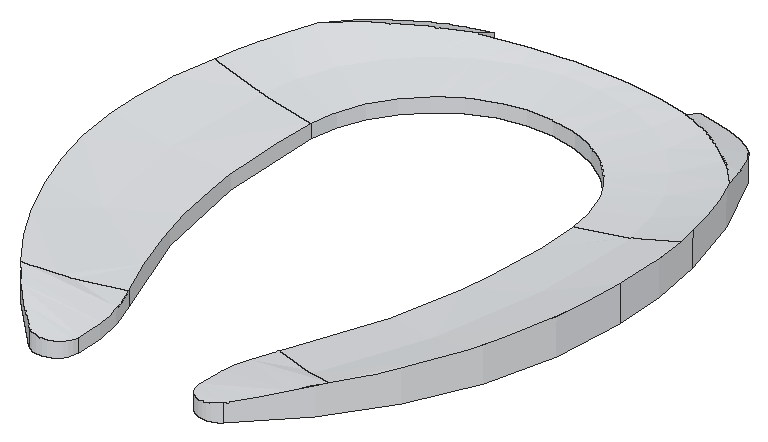
Revit family "Seat-Toilet_Commercial_SC534_TOTO", category Plumbing Fixtures, Revit 2013
Parameters (values of type "SC534")
  ecoScorecard_data = " "
  ecoScorecard Product Page = "  "
  Width = 14 205/256"  # constant formula
  Waste Connection = no
  Warranty URL = "http://www.totousa.com/warranty-registration"
  Warranty = "One Year Limited Warranty"  # constant formula
  Vent Connection = no
  URL = "http://www.totousa.com"
  Toto BIM Number = "BM-00236"  # constant formula
  Subcategory = "Seats"  # constant formula
  Style = "Commercial"  # constant formula
  Spec Sheet URL = "http://assets.totousa.com/product-files/SS-00340_SC534.pdf"
  Shipping Weight = 6.00 lbf
  Series = ""
  Product Page URL = " "
  Parts Manual URL = " "
  Model = "SC534"  # constant formula
  Material = "Polypropylene"  # constant formula
  Manufacturer Toll Free Phone = "1-888-295-8134"  # constant formula
  Manufacturer Phone = "(770) 282-8686"  # constant formula
  Manufacturer Fax = "(770) 282-0002"  # constant formula
  Manufacturer Email = "mailto:custservice@totousa.com"
  Manufacturer Address = "1155 Southern Road, Morrow, Georgia 30260"  # constant formula
  Manufacturer = "TOTO USA, Inc."  # constant formula
  Length = 18 75/256"  # constant formula
  Industry Standards = "Meets and exceeds ASME A112.4.2, ASME A112.18.1/CSA B125.1, UL 1431, CSA C22.2 #68"  # constant formula
  Height = 1 1/8"  # constant formula
  HW Connection = no
  Finish = Plastic - TOTO - 01 Cotton
  Description = "Commercial Seat"  # constant formula
  Cost Info = "mailto:custservice@totousa.com"
  Color Availability = "#01 Cotton"  # constant formula
  Code Compliance = "UPC, IPC, NSPC, NPC Canada, and others"  # constant formula
  Certification = "IAPMO(cUPC), Intertek, State of Massachusetts, City of Los Angeles and others"  # constant formula
  CW Connection = no
  CAD Drawing URL = "http://assets.totousa.com/product-files/AD-00214_SC534.dxf"
  Bowl Type = "Elongated"  # constant formula
  Assembly Code = "D2090900"
  95 CSI = "15416"  # constant formula
  04 CSI = "22 41 39"  # constant formula
Reference planes (in)
  plane 1 "Center (Front/Back)": y = 0
  plane 2: z = 0
  plane 3 "Center (Left/Right)": x = 0
  plane 4: z = 1.125
  plane 5: y = 9.14648
  plane 6: x = 7.40039
  plane 7: x = -7.40039
  plane 8: y = -9.14648
Dimensions and locks (in)
  "Height": plane 4 to plane 2
  equal spacing: plane 7, plane 3 "Center (Left/Right)", plane 6
  "Width": plane 7 to plane 6
  equal spacing: plane 5, plane 1 "Center (Front/Back)", plane 8
  "Length": plane 5 to plane 8
  aligned and locked: plane 3 "Center (Left/Right)" to nested 1
  aligned and locked: plane 1 "Center (Front/Back)" to nested 1
Nested families (in)
  nested 1: "SC534" at (0, 0, 0), type "SC534"
Definition of nested family "SC534"
  Parameters (values of type "SC534")
    Width = 14 205/256"  # constant formula
    Waste Connection = no
    Vent Connection = no
    URL = "http://www.totousa.com"
    Shipping Weight = 6.00 lbf
    Model = "SC534"  # constant formula
    Manufacturer = "TOTO USA, Inc."  # constant formula
    Length = 18 75/256"  # constant formula
    Height = 1 1/8"  # constant formula
    HW Connection = no
    Finish = Plastic - TOTO - 01 Cotton
    Description = "Commercial Seat"  # constant formula
    Cost Info = "mailto:custservice@totousa.com"
    CW Connection = no
    Assembly Code = "D2090900"
  Reference planes (in)
    plane 1 "Center (Front/Back)": y = 0
    plane 2: z = 0
    plane 3 "Center (Left/Right)": x = 0
    plane 4: z = 1.125
    plane 5: y = 9.14648
    plane 6: x = 7.40039
    plane 7: x = -7.40039
    plane 8: y = -9.14648
  Forms (in)
    Sweep 1, solid, material "Plastic - TOTO - 01 Cotton" <- "Finish", detail levels medium+fine
      path origin (0, 25.53621, 21.125) x (0, 1, 0) y (-1, 0, 0)
        loop
          arc (-35.07546, 3.06231) -> (-33.49001, 2.84738) -> (-31.93854, 3.23828) r 4.21875
          arc (-31.93854, 3.23828) -> (-27.22957, 4.75116) -> (-22.29169, 5.03481) r 19.56505
          arc (-22.29169, 5.03481) -> (-17.5945, 0) -> (-22.29169, -5.03481) r 5.04695
          arc (-22.29169, -5.03481) -> (-27.22957, -4.75116) -> (-31.93854, -3.23828) r 19.56505
          arc (-31.93854, -3.23828) -> (-33.4591, -2.84923) -> (-35.01664, -3.04293) r 4.21875
      profile origin (4.75116, -1.69336, 21.125) x (0.983098, -0.183082, 0) y (0, 0, 1)
        loop
          line (-1.15387, -21.125) -> (2.84951, -21.125) -> (2.84951, -19.85693)
          arc (2.84951, -19.85693) -> (0.87928, -20.43005) -> (-1.15387, -20.70677) r 13.89545
          line (-1.15387, -20.70677) -> (-1.15387, -21.125)
    Extrusion 2, void
      sketch origin (0, 0.00003, 0) x (1, 0, 0) y (0, 1, 0)
        loop
          arc (-3.18174, 9.11622) -> (-4.50357, 8.93222) -> (-5.48647, 8.02943) r 2.24127
          arc (-5.48647, 8.02943) -> (-6.42698, 6.07197) -> (-7.05344, 3.9926) r 14
          arc (-7.05344, 3.9926) -> (-7.31713, 2.37148) -> (-7.40536, 0.73143) r 15.2864
          arc (-7.40536, 0.73143) -> (-6.25109, -4.59966) -> (-2.99502, -8.97583) r 12.88811
          arc (-2.99502, -8.97583) -> (-2.27257, -9.09268) -> (-1.8497, -8.4954) r 0.69158
          arc (-1.8497, -8.4954) -> (-1.93421, -7.20688) -> (-2.33251, -5.97857) r 5.21875
          arc (-2.33251, -5.97857) -> (-3.76806, -1.51028) -> (-4.03722, 3.17522) r 18.56505
          arc (-4.03722, 3.17522) -> (0, 6.94171) -> (4.03722, 3.17522) r 4.04695
          arc (4.03722, 3.17522) -> (3.76806, -1.51028) -> (2.33251, -5.97857) r 18.56505
          arc (2.33251, -5.97857) -> (1.93421, -7.20688) -> (1.8497, -8.4954) r 5.21875
          arc (1.8497, -8.4954) -> (2.27257, -9.09268) -> (2.99502, -8.97583) r 0.69158
          arc (2.99502, -8.97583) -> (6.25109, -4.59966) -> (7.40536, 0.73143) r 12.88811
          arc (7.40536, 0.73143) -> (7.31713, 2.37148) -> (7.05344, 3.9926) r 15.2864
          arc (7.05344, 3.9926) -> (6.42698, 6.07197) -> (5.48647, 8.02943) r 14
          arc (5.48647, 8.02943) -> (4.50357, 8.93222) -> (3.18174, 9.11622) r 2.24127
          line (3.18174, 9.11622) -> (3.18174, 8.55413)
          arc (3.18174, 8.55413) -> (0, 9.06276) -> (-3.18174, 8.55413) r 10.2061
          line (-3.18174, 8.55413) -> (-3.18174, 9.11622)
        loop
          line (-9.40536, -11.14652) -> (9.40536, -11.14652) -> (9.40536, 11.14645) -> (-9.40536, 11.14645) -> (-9.40536, -11.14652)
      from 0 to 2
    Sweep 3, void
      path origin (0, -10.01966, 1.125) x (0, 1, 0) y (-1, 0, 0)
        loop
          arc (15.90478, 7.40039) -> (19.08246, 0) -> (15.90478, -7.40039) r 10.2061
      profile origin (0, 9.06279, 1.125) x (0, 1, 0) y (0, 0, 1)
        loop
          line (1.69553, 0.12845) -> (-1.0283, 0.12845)
          arc (-1.0283, 0.12845) -> (0.3611, -0.43176) -> (1.69553, -1.11263) r 16.92419
          line (1.69553, -1.11263) -> (1.69553, 0.12845)
    Extrusion 4, solid, material "Plastic - TOTO - 01 Cotton" <- "Finish", detail levels coarse
      sketch origin (0, 0, 0) x (1, 0, 0) y (0, 1, 0)
        loop
          line (7.40039, 9.14648) -> (-7.40039, 9.14648) -> (-7.40039, -9.14648) -> (7.40039, -9.14648) -> (7.40039, 9.14648)
      from 0 to 1.125
  Cuts and joins
    Extrusion 2, Sweep 3 cuts Sweep 1
  Lines and regions (in)
    Masking region 1, detail levels medium+fine
      outline origin (0, -10.01966, 1.125) x (0, 1, 0) y (-1, 0, 0)
        loop
          arc (1.04386, 2.99502) -> (0.92702, 2.27257) -> (1.5243, 1.8497) r 0.69158
          arc (1.5243, 1.8497) -> (2.81281, 1.93421) -> (4.04113, 2.33251) r 5.21875
          arc (4.04113, 2.33251) -> (8.50942, 3.76806) -> (13.19492, 4.03722) r 18.56505
          arc (13.19492, 4.03722) -> (16.96141, 0) -> (13.19492, -4.03722) r 4.04695
          arc (13.19492, -4.03722) -> (8.50942, -3.76806) -> (4.04113, -2.33251) r 18.56505
          arc (4.04113, -2.33251) -> (2.81281, -1.93421) -> (1.5243, -1.8497) r 5.21875
          arc (1.5243, -1.8497) -> (0.92702, -2.27257) -> (1.04386, -2.99502) r 0.69158
          arc (1.04386, -2.99502) -> (5.42004, -6.25109) -> (10.75112, -7.40536) r 12.88811
          arc (10.75112, -7.40536) -> (12.39118, -7.31713) -> (14.0123, -7.05344) r 15.2864
          arc (14.0123, -7.05344) -> (16.09167, -6.42698) -> (18.04913, -5.48647) r 14
          arc (18.04913, -5.48647) -> (18.95191, -4.50357) -> (19.13592, -3.18174) r 2.24127
          line (19.13592, -3.18174) -> (18.57383, -3.18174)
          arc (18.57383, -3.18174) -> (19.08246, 0) -> (18.57383, 3.18174) r 10.2061
          line (18.57383, 3.18174) -> (19.13592, 3.18174)
          arc (19.13592, 3.18174) -> (18.95191, 4.50357) -> (18.04913, 5.48647) r 2.24127
          arc (18.04913, 5.48647) -> (16.09167, 6.42698) -> (14.0123, 7.05344) r 14
          arc (14.0123, 7.05344) -> (12.39118, 7.31713) -> (10.75112, 7.40536) r 15.2864
          arc (10.75112, 7.40536) -> (5.42004, 6.25109) -> (1.04386, 2.99502) r 12.88811
    Masking region 2, detail levels coarse
      outline origin (0, 0, 0) x (1, 0, 0) y (0, 1, 0)
        loop
          line (7.40039, 9.14648) -> (-7.40039, 9.14648) -> (-7.40039, -9.14648) -> (7.40039, -9.14648) -> (7.40039, 9.14648)
    Masking region 3, detail levels coarse
      outline origin (0, 0, 0) x (1, 0, 0) y (0, 0, 1)
        loop
          line (-7.40039, 1.125) -> (-7.40039, 0) -> (7.40536, 0) -> (7.40536, 1.125) -> (-7.40039, 1.125)
    Masking region 4, detail levels medium+fine
      outline origin (0.00447, 0, 0) x (1, 0, 0) y (0, 0, 1)
        loop
          line (-7.40039, 0) -> (7.40039, 0) -> (7.40039, 1.0935)
          arc (7.40039, 1.0935) -> (7.15704, 1.10786) -> (6.9137, 1.0935) r 2.06872
          arc (6.9137, 1.0935) -> (5.28364, 0.93723) -> (3.64823, 0.85389) r 36.66823
          spline (3.64823, 0.85389) -> (3.06162, 0.82148) -> (2.46337, 0.79478) -> (1.85577, 0.77392) -> (1.24111, 0.75896) -> (0.62174, 0.74996) -> (0, 0.74695) -> (-0.62174, 0.74996) -> (-1.24111, 0.75896) -> (-1.85577, 0.77392) -> (-2.46337, 0.79478) -> (-3.06162, 0.82148) -> (-3.64823, 0.85389)
          arc (-3.64823, 0.85389) -> (-5.28364, 0.93723) -> (-6.9137, 1.0935) r 36.66823
          arc (-6.9137, 1.0935) -> (-7.15704, 1.10786) -> (-7.40039, 1.0935) r 2.06872
          line (-7.40039, 1.0935) -> (-7.40039, 0)
    Masking region 5
      outline origin (0, 0, 0) x (0, 1, 0) y (0, 0, 1)
        loop
          line (-9.14648, 1.125) -> (-9.14648, 0) -> (9.14648, 0) -> (9.14648, 1.125) -> (-9.14648, 1.125)
    Masking region 6, detail levels medium+fine
      outline origin (0, 0, 0) x (0, 1, 0) y (0, 0, 1)
        loop
          line (-9.14633, 0) -> (9.14633, 0) -> (9.14633, 0.5)
          arc (9.14633, 0.5) -> (9.13864, 0.55831) -> (9.11609, 0.61263) r 0.22492
          arc (9.11609, 0.61263) -> (8.85583, 0.72677) -> (8.5937, 0.83654) r 17.01396
          arc (8.5937, 0.83654) -> (7.4873, 0.92529) -> (6.38183, 1.025) r 111.85254
          arc (6.38183, 1.025) -> (0, 1.14211) -> (-6.38183, 1.025) r 173.94978
          arc (-6.38183, 1.025) -> (-7.4873, 0.92529) -> (-8.5937, 0.83654) r 111.85254
          arc (-8.5937, 0.83654) -> (-8.85583, 0.72677) -> (-9.11609, 0.61263) r 17.01396
          arc (-9.11609, 0.61263) -> (-9.13864, 0.55831) -> (-9.14633, 0.5) r 0.22492
          line (-9.14633, 0.5) -> (-9.14633, 0)
    symbolic lines, detail levels medium+fine
      curve 1: spline (-6.33078, 6.31361, 21.125) -> (-6.11424, 6.55843, 21.125) -> (-5.88804, 6.79443, 21.125) -> (-5.65256, 7.02122, 21.125) -> (-5.40816, 7.23845, 21.125) -> (-5.15524, 7.44576, 21.125) -> (-4.89421, 7.64284, 21.125) -> (-4.62547, 7.82935, 21.125) -> (-4.34947, 8.005, 21.125) -> (-4.06663, 8.16951, 21.125) -> (-3.77743, 8.32262, 21.125) -> (-3.4823, 8.46408, 21.125) -> (-3.18174, 8.59367, 21.125)
      curve 2: spline (3.18174, 8.59367, 21.125) -> (3.4823, 8.46405, 21.125) -> (3.77742, 8.32256, 21.125) -> (4.06663, 8.16943, 21.125) -> (4.34947, 8.0049, 21.125) -> (4.62547, 7.82924, 21.125) -> (4.89421, 7.64273, 21.125) -> (5.15524, 7.44566, 21.125) -> (5.40816, 7.23835, 21.125) -> (5.65256, 7.02114, 21.125) -> (5.88804, 6.79437, 21.125) -> (6.11424, 6.5584, 21.125) -> (6.33078, 6.31361, 21.125)
      curve 3: line (-1.8497, 0, 0.42854) -> (-2.99502, 0, 0.54941)
      curve 4: line (-2.99502, 0, 0.54941) -> (-4.74684, 0, 0.88593)
      curve 5: line (-1.8497, 0, 0.42854) -> (1.8497, 0, 0.42854)
      curve 6: line (2.99502, 0, 0.54941) -> (1.8497, 0, 0.42854)
      curve 7: line (4.74684, 0, 0.88593) -> (2.99502, 0, 0.54941)
      curve 8: spline (0, 6.3135, 1.0275) -> (0, 6.4631, 0.99768) -> (0, 6.61188, 0.96728) -> (0, 6.75982, 0.93629) -> (0, 6.90689, 0.90473) -> (0, 7.05307, 0.87261) -> (0, 7.19835, 0.83991) -> (0, 7.3427, 0.80666) -> (0, 7.4861, 0.77285) -> (0, 7.62854, 0.73849) -> (0, 7.76999, 0.70359) -> (0, 7.91043, 0.66814) -> (0, 8.04984, 0.63215)
      curve 9: spline (0, 8.04984, 0.63215) -> (0, 8.2344, 0.58537) -> (0, 8.40664, 0.546) -> (0, 8.56462, 0.51451) -> (0, 8.70653, 0.49125) -> (0, 8.83078, 0.47649) -> (0, 8.93594, 0.47038) -> (0, 9.02083, 0.47301) -> (0, 9.08449, 0.48433) -> (0, 9.12619, 0.50423) -> (0, 9.14546, 0.53248) -> (0, 9.14208, 0.56875) -> (0, 9.1161, 0.61263)
      curve 10: spline (0, -6.3135, 1.0275) -> (0, -6.4631, 0.99768) -> (0, -6.61188, 0.96728) -> (0, -6.75982, 0.93629) -> (0, -6.90689, 0.90473) -> (0, -7.05307, 0.87261) -> (0, -7.19835, 0.83991) -> (0, -7.3427, 0.80666) -> (0, -7.4861, 0.77285) -> (0, -7.62854, 0.73849) -> (0, -7.76999, 0.70359) -> (0, -7.91043, 0.66814) -> (0, -8.04984, 0.63215)
      curve 11: spline (0, -8.04984, 0.63215) -> (0, -8.2344, 0.58537) -> (0, -8.40664, 0.546) -> (0, -8.56462, 0.51451) -> (0, -8.70653, 0.49125) -> (0, -8.83078, 0.47649) -> (0, -8.93594, 0.47038) -> (0, -9.02083, 0.47301) -> (0, -9.08449, 0.48433) -> (0, -9.12619, 0.50423) -> (0, -9.14546, 0.53248) -> (0, -9.14208, 0.56875) -> (0, -9.1161, 0.61263)
  Dimensions and locks (in)
    "Height": plane 4 to plane 2
    equal spacing: plane 7, plane 3 "Center (Left/Right)", plane 6
    "Width": plane 7 to plane 6
    equal spacing: plane 5, plane 1 "Center (Front/Back)", plane 8
    "Length": plane 5 to plane 8
    locked: Sweep 3 sketch curve to plane 2 at 1.25345
    equal spacing: Extrusion 2 sketch curve, plane 3 "Center (Left/Right)", Extrusion 2 sketch curve  (x2)
    locked: Extrusion 2 sketch curve to Extrusion 2 sketch curve at 18.81072
    equal spacing: Extrusion 2 sketch curve, plane 1 "Center (Front/Back)", Extrusion 2 sketch curve
    locked: Extrusion 2 sketch curve to Extrusion 2 sketch curve at 22.29297
    locked: Extrusion 2 sketch curve to Extrusion 2 sketch curve at 6.36348
    locked: plane 3 "Center (Left/Right)" to Extrusion 2 sketch curve at 0
    locked: Extrusion 2 sketch curve to plane 8 at 12.04128
    locked: Extrusion 2 to plane 2 at 2
    locked: Sweep 3 sketch curve to plane 1 "Center (Front/Back)" at 10.75832
    locked: plane 3 "Center (Left/Right)" to Sweep 1 sketch curve at 0
    locked: Sweep 1 sketch curve to plane 8 at 12.04125
    curve 1 to curve 1 to plane 3 "Center (Left/Right)" to curve 2 to curve 2 = 3.14904" locked, 3.18174" locked, 3.18174" locked, 3.14904" locked
    curve 1 to curve 2 to curve 1 to curve 2 to plane 8 = 0" locked, 2.28006" locked, 0" locked, 15.4601" locked
    radius of Extrusion 2 sketch curve = 4.04695"
    radius of Extrusion 2 sketch curve = 18.56505"  (x2)
    radius of Extrusion 2 sketch curve = 2.24127"  (x2)
    radius of Extrusion 2 sketch curve = 14"  (x2)
    radius of Extrusion 2 sketch curve = 12.88811"  (x2)
    radius of Extrusion 2 sketch curve = 5 7/32"  (x2)
    radius of Extrusion 2 sketch curve = 0.69158"  (x2)
    aligned and locked: Extrusion 2 to plane 2
    aligned and locked: plane 2 to Sweep 1 sketch curve
    aligned and locked: Masking region 1 sketch curve to cut or joined group of Sweep 1, Extrusion 2, Sweep 3  (x18)
    aligned and locked: Masking region 2 sketch curve to plane 5
    aligned and locked: Masking region 2 sketch curve to plane 6
    aligned and locked: Masking region 2 sketch curve to plane 8
    aligned and locked: Masking region 2 sketch curve to plane 7
    aligned and locked: Extrusion 4 sketch curve to plane 5
    aligned and locked: Extrusion 4 sketch curve to plane 6
    aligned and locked: Extrusion 4 sketch curve to plane 7
    aligned and locked: Extrusion 4 sketch curve to plane 8
    aligned and locked: plane 4 to Extrusion 4
    aligned and locked: Extrusion 4 to level
    aligned and locked: Masking region 3 sketch curve to Extrusion 4  (x2)
    aligned and locked: Masking region 3 sketch curve to cut or joined group of Sweep 1, Extrusion 2, Sweep 3  (x2)
    aligned and locked: curve 5 to cut or joined group of Sweep 1, Extrusion 2, Sweep 3
  Automatic sketch dimensions
    plane 3 "Center (Left/Right)" to curve 2 = 0.08154"
    curve 2 to plane 1 "Center (Front/Back)" = 1.04593"
    curve 1 to plane 3 "Center (Left/Right)" = 0.08147"
    curve 1 to curve 2 = 0.00367"
    Sweep 1 sketch curve to plane 1 "Center (Front/Back)" = 1.88864"  (x2)
    plane 8 to Sweep 1 sketch curve = 2.74415"  (x2)
    Sweep 1 sketch curve to Sweep 1 sketch curve = 0"  (x2)
    Sweep 1 sketch curve to plane 7 = 0.34088"
    plane 8 to Sweep 1 sketch curve = 0.9564"  (x2)
    plane 6 to Sweep 1 sketch curve = 0.34088"
    Sweep 1 sketch curve to plane 8 = 0.33394"
    Sweep 1 sketch curve to plane 8 = 0.39277"
    Sweep 1 sketch curve to plane 7 = 2.36558"
    Sweep 1 sketch curve to plane 1 "Center (Front/Back)" = 3.24452"  (x2)
    Extrusion 2 sketch curve to plane 3 "Center (Left/Right)" = 0"
    Extrusion 2 sketch curve to Extrusion 2 sketch curve = 0.36591"  (x2)
    Extrusion 2 sketch curve to plane 7 = 3.36317"
    Extrusion 2 sketch curve to Extrusion 2 sketch curve = 0"  (x6)
    Extrusion 2 sketch curve to plane 1 "Center (Front/Back)" = 0.73146"
    Extrusion 2 sketch curve to plane 7 = 1.91764"
    plane 5 to Extrusion 2 sketch curve = 1.11702"  (x2)
    Extrusion 2 sketch curve to plane 7 = 1.91392"
    Extrusion 2 sketch curve to plane 7 = 0.77614"
    Extrusion 2 sketch curve to plane 7 = 0.34695"
    Extrusion 2 sketch curve to plane 7 = 0.34088"
    plane 7 to Extrusion 2 sketch curve = 0.00497"
    Extrusion 2 sketch curve to Extrusion 2 sketch curve = 0.47568"
    plane 7 to Extrusion 2 sketch curve = 2.00497"
    Extrusion 2 sketch curve to plane 1 "Center (Front/Back)" = 1.88868"
    Extrusion 2 sketch curve to Extrusion 2 sketch curve = 6.60216"
    plane 8 to Extrusion 2 sketch curve = 0.17069"
    Extrusion 2 sketch curve to plane 3 "Center (Left/Right)" = 2.99502"
    Extrusion 2 sketch curve to plane 3 "Center (Left/Right)" = 2.33251"
    plane 8 to Extrusion 2 sketch curve = 0.65112"
    plane 3 "Center (Left/Right)" to Extrusion 2 sketch curve = 1.8497"
    plane 3 "Center (Left/Right)" to Extrusion 2 sketch curve = 2.33251"
    Extrusion 2 sketch curve to Extrusion 2 sketch curve = 1.93881"
    plane 1 "Center (Front/Back)" to Extrusion 2 sketch curve = 1.14331"
    Extrusion 2 sketch curve to Extrusion 2 sketch curve = 0.56209"
    Sweep 3 sketch curve to plane 3 "Center (Left/Right)" = 0"
    Sweep 3 sketch curve to plane 6 = 0"
    Sweep 3 sketch curve to plane 7 = 0"
    plane 1 "Center (Front/Back)" to Sweep 3 sketch curve = 1.14331"
    plane 5 to Sweep 3 sketch curve = 3.26137"
    curve 10 to plane 8 = 5.34346"
    plane 8 to curve 11 = 0.00236"
    plane 8 to curve 11 = 0.03039"
    curve 10 to plane 4 = 0.49285"
    curve 11 to curve 10 = 1.06626"
    plane 4 to curve 11 = 0.11507"
    curve 10 to curve 11 = 0.9011"
    curve 10 to plane 4 = 0.0975"
    curve 11 to curve 10 = 0.83524"
    plane 1 "Center (Front/Back)" to curve 10 = 0.57851"
    curve 8 to plane 1 "Center (Front/Back)" = 0.57851"
    curve 8 to plane 4 = 0.0975"
    plane 5 to curve 8 = 2.83299"
    plane 4 to curve 9 = 0.11507"
    curve 8 to curve 9 = 0.83524"
    curve 8 to plane 4 = 0.49285"
    curve 9 to curve 8 = 0.9011"
    plane 5 to curve 9 = 0.03039"
    plane 5 to curve 9 = 0.00236"
    curve 8 to level = 3.78425"
    curve 4 to plane 4 = 0.23907"
    curve 4 to plane 7 = 2.65355"
    level to curve 4 = 0.54941"
    curve 4 to curve 4 = 1.75183"
    curve 3 to curve 5 = 1.14532"
    plane 3 "Center (Left/Right)" to curve 5 = 1.8497"
    level to curve 7 = 0.54941"
    curve 5 to curve 7 = 1.14532"
    curve 7 to plane 4 = 0.23907"
    curve 6 to curve 7 = 1.75183"
    profile plane to Sweep 1 sketch curve = 2.00616"
    profile plane to Sweep 1 sketch curve = 1.15387"
    Sweep 1 sketch curve to profile plane = 2.84951"
    Sweep 1 sketch curve to Sweep 1 sketch curve = 0.41823"
    Sweep 1 sketch curve to Sweep 1 sketch curve = 1.26807"
    profile plane to Sweep 3 sketch curve = 1.0283"
    profile plane to Sweep 3 sketch curve = 6.6561"
    Sweep 3 sketch curve to plane 4 = 1.11263"
    Masking region 4 sketch curve to level = 0"
    plane 7 to Masking region 4 sketch curve = 2.68623"
    Masking region 4 sketch curve to plane 7 = 0.00447"
    Masking region 4 sketch curve to plane 7 = 0.24782"
    Masking region 4 sketch curve to plane 4 = 0.0315"  (x2)
    Masking region 4 sketch curve to Masking region 4 sketch curve = 0.4867"
    Masking region 4 sketch curve to Masking region 4 sketch curve = 0"  (x2)
    Masking region 4 sketch curve to plane 4 = 0.27111"  (x2)
    Masking region 4 sketch curve to Masking region 4 sketch curve = 3.26546"
    Masking region 4 sketch curve to plane 3 "Center (Left/Right)" = 2.59586"
    plane 3 "Center (Left/Right)" to Masking region 4 sketch curve = 0.00447"
    plane 3 "Center (Left/Right)" to Masking region 4 sketch curve = 2.6048"
    plane 6 to Masking region 4 sketch curve = 0.48223"
    plane 6 to Masking region 4 sketch curve = 0.23888"
    Masking region 4 sketch curve to plane 6 = 0.00447"
    plane 4 to Masking region 4 sketch curve = 1.20299"
    Masking region 5 sketch curve to plane 4 = 0"
    Masking region 5 sketch curve to level = 0"
    plane 5 to Masking region 5 sketch curve = 18 75/256"
    Masking region 5 sketch curve to Masking region 5 sketch curve = 18 75/256"
    Masking region 6 sketch curve to level = 0"
    Masking region 6 sketch curve to plane 1 "Center (Front/Back)" = 0"
    plane 1 "Center (Front/Back)" to Masking region 6 sketch curve = 2.15309"
    Masking region 6 sketch curve to plane 4 = 0.1"  (x2)
    Masking region 6 sketch curve to plane 4 = 0.28846"  (x2)
    plane 8 to Masking region 6 sketch curve = 0.55278"
    plane 8 to Masking region 6 sketch curve = 0.22508"
    plane 8 to Masking region 6 sketch curve = 0.03039"
    plane 8 to Masking region 6 sketch curve = 0.00016"
    Masking region 6 sketch curve to plane 8 = 7.83679"
    Masking region 6 sketch curve to plane 1 "Center (Front/Back)" = 2.15309"
    plane 5 to Masking region 6 sketch curve = 0.55278"
    plane 5 to Masking region 6 sketch curve = 0.22508"
    plane 5 to Masking region 6 sketch curve = 0.03039"
    plane 5 to Masking region 6 sketch curve = 0.00016"
    Masking region 6 sketch curve to plane 5 = 7.83679"
    Masking region 6 sketch curve to level = 14.91127"
    Masking region 6 sketch curve to Masking region 6 sketch curve = 0"
    Masking region 6 sketch curve to Masking region 6 sketch curve = 2.21187"
    Masking region 6 sketch curve to Masking region 6 sketch curve = 157.8964"
